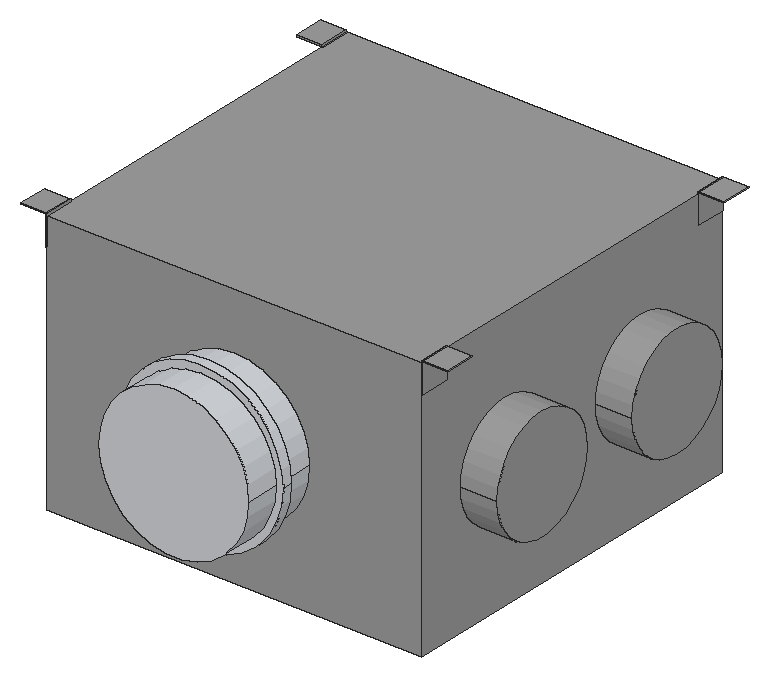
Revit family "FASU(F4-150 200Φ)", category ダクト付属品, Revit 2021
Family settings
  丸型コネクタ寸法 = 直径を使用
  パーツ タイプ = ダンパー
  OmniClass 番号 = 23.75.00.00
  OmniClass タイトル = Climate Control (HVAC)
  作業面ベース = いいえ
  常に垂直 = はい
  ロード時にボイドで切り取り = いいえ
  共有 = いいえ
Parameters
  高さ = 350 mm
  風量 = 0.0 L/s
  符号 = "FASU"
  形式 = "F4-150 200φ"
  幅 [instance] = 500 mm
  奥行き = 500 mm
  大きさ = 200 mm
  呼称 = "FASUチャンバー"
  付属品_下端レベル [instance] = 0 mm
  マテリアル [instance] = 既定値
  ダクト_イン = 200 mm
  ダクト_アウト = 150 mm
  既定の高さ = 0 mm
Reference planes
  plane 1 "中心(正面/背面)": y = 0
  plane 2: z = 0
  plane 3 "中心(左/右)": x = 0
  plane 4: x = -250
  plane 5: x = 250
  plane 6: y = -500
  plane 7: z = 350
  plane 8: z = 175
  plane 9: z = 266.963
  plane 10: z = 86.159
  plane 11: x = -251
  plane 12: z = 313.122
  plane 13: z = 352.122
  plane 14: y = -250
Forms (mm)
  Extrusion 1, solid, material "既定値" <- "マテリアル"
    sketch origin (0, 0, 0) x (1, 0, 0) y (0, 1, 0)
      loop
        line (-250, 0) -> (-250, -500) -> (250, -500) -> (250, 0) -> (-250, 0)
    from 0 to 350
  Extrusion 2, solid, material "既定値" <- "マテリアル"
    sketch origin (0, -30, 0) x (0, 1, 0) y (0, 0, 1)
      loop
        circle (-332.5, 175) r 74.985
    from -300 to -250
  Extrusion 3, solid, material "既定値" <- "マテリアル"
    sketch origin (550, -30, 0) x (0, 1, 0) y (0, 0, 1)
      loop
        circle (-332.5, 175) r 74.985
    from -300 to -250
  Extrusion 4, solid, material "既定値" <- "マテリアル"
    sketch origin (0, -30, 0) x (1, 0, 0) y (0, 1, 0)
      loop
        line (-250, 30) -> (-251, 30) -> (-251, -10) -> (-250, -10) -> (-250, 30)
    from 313.122 to 350
  Extrusion 5, solid, material "既定値" <- "マテリアル"
    sketch origin (0, -30, 0) x (1, 0, 0) y (0, 1, 0)
      loop
        line (-285, 30) -> (-285, -10) -> (-251, -10) -> (-251, 30) -> (-285, 30)
    from 352.122 to 350
  Extrusion 6, solid, material "既定値" <- "マテリアル"
    sketch origin (0, -30, 0) x (-1, 0, 0) y (0, -1, 0)
      loop
        line (-250, -30) -> (-250, 10) -> (-251, 10) -> (-251, -30) -> (-250, -30)
    from 313.122 to 353.122
  Extrusion 7, solid, material "既定値" <- "マテリアル"
    sketch origin (0, -30, 0) x (-1, 0, 0) y (0, -1, 0)
      loop
        line (-285, -30) -> (-251, -30) -> (-251, 10) -> (-285, 10) -> (-285, -30)
    from 352.122 to 353.122
  Extrusion 8, solid, material "既定値" <- "マテリアル"
    sketch origin (0, -490, 0) x (1, 0, 0) y (0, 1, 0)
      loop
        line (-285, 30) -> (-285, -10) -> (-251, -10) -> (-251, 30) -> (-285, 30)
    from 352.122 to 353.122
  Extrusion 9, solid, material "既定値" <- "マテリアル"
    sketch origin (0, -490, 0) x (1, 0, 0) y (0, 1, 0)
      loop
        line (-250, 30) -> (-251, 30) -> (-251, -10) -> (-250, -10) -> (-250, 30)
    from 313.122 to 353.122
  Extrusion 10, solid, material "既定値" <- "マテリアル"
    sketch origin (0, -490, 0) x (-1, 0, 0) y (0, -1, 0)
      loop
        line (-285, -30) -> (-251, -30) -> (-251, 10) -> (-285, 10) -> (-285, -30)
    from 352.122 to 353.122
  Extrusion 11, solid, material "既定値" <- "マテリアル"
    sketch origin (0, -490, 0) x (-1, 0, 0) y (0, -1, 0)
      loop
        line (-250, -30) -> (-250, 10) -> (-251, 10) -> (-251, -30) -> (-250, -30)
    from 313.122 to 353.122
  Extrusion 12, solid, material "既定値" <- "マテリアル"
    sketch origin (550, -470, 0) x (0, -1, 0) y (0, 0, -1)
      loop
        circle (-332.5, -175) r 74.985
    from -300 to -250
  Extrusion 13, solid, material "既定値" <- "マテリアル"
    sketch origin (-550, -470, 0) x (0, -1, 0) y (0, 0, 1)
      loop
        circle (-332.5, 175) r 74.985
    from -300 to -250
  Extrusion 14, solid
    sketch origin (945.05, 0, 42.896) x (1, 0, 0) y (0, 0, 1)
      loop
        circle (-945.05, 132.104) r 100
    from 500 to 542.5
  Extrusion 15, solid
    sketch origin (945.05, -57.5, 42.896) x (1, 0, 0) y (0, 0, 1)
      loop
        circle (-945.05, 132.104) r 100
    from 497.907 to 542.5
  Extrusion 16, solid
    sketch origin (0, 0, 0) x (1, 0, 0) y (0, 0, 1)
      loop
        circle (0, 175) r 110
    from 542.5 to 555.407
Lines and regions (mm)
  model lines
    curve 1: line (-250, -30, 0) -> (250, -30, 0)
    curve 2: line (-250, -470, 0) -> (250, -470, 0)
Text (mm)
  text "FASU(F4-150 200Φ)" at (120.822, -450.782, 0), in view "参照レベル"
Dimensions and locks
  equal spacing: plane 4, plane 3 "中心(左/右)", plane 5
  "幅": plane 4 to plane 5
  "奥行き": plane 6 to plane 1 "中心(正面/背面)"
  "高さ": plane 7 to level
  equal spacing: plane 7, plane 8, level
  equal spacing: plane 6, plane 14, plane 1 "中心(正面/背面)"
  aligned and locked: level to plane 2
  aligned and locked: Extrusion 1 sketch curve to plane 5
  aligned and locked: plane 7 to Extrusion 1
  aligned and locked: plane 4 to Extrusion 2
  aligned and locked: Extrusion 3 to plane 5
  aligned and locked: Extrusion 4 sketch curve to Extrusion 1
  aligned and locked: plane 7 to Extrusion 4
  aligned and locked: Extrusion 5 sketch curve to Extrusion 4
  aligned and locked: Extrusion 4 to Extrusion 5 sketch curve
  aligned and locked: plane 7 to Extrusion 5
  aligned and locked: Extrusion 5 to plane 13
  aligned and locked: Extrusion 6 to Extrusion 7 sketch curve
  aligned and locked: Extrusion 7 sketch curve to Extrusion 6
  aligned and locked: Extrusion 1 to Extrusion 10
  aligned and locked: Extrusion 8 to Extrusion 1
  aligned and locked: Extrusion 9 to Extrusion 1
  aligned and locked: Extrusion 1 to Extrusion 11
  aligned and locked: Extrusion 11 to Extrusion 10
  aligned and locked: Extrusion 9 to Extrusion 8
  aligned and locked: plane 4 to Extrusion 9
  aligned and locked: Extrusion 11 to plane 5
  aligned and locked: plane 4 to curve 1
  aligned and locked: plane 5 to curve 1
  aligned and locked: plane 5 to curve 2
  aligned and locked: plane 4 to curve 2
  aligned and locked: Extrusion 1 to Extrusion 5
  aligned and locked: Extrusion 7 to Extrusion 1
  aligned and locked: Extrusion 6 to plane 5
  aligned and locked: Extrusion 1 to plane 6
  aligned and locked: Extrusion 1 to plane 1 "中心(正面/背面)"
  aligned and locked: Extrusion 12 to plane 5
  aligned and locked: plane 4 to Extrusion 13
  aligned and locked: plane 6 to Extrusion 14
  aligned and locked: Extrusion 14 to Extrusion 16
  aligned and locked: Extrusion 16 to Extrusion 15
Automatic sketch dimensions
  plane 6 to curve 2 = 30 mm
  plane 1 "中心(正面/背面)" to curve 1 = 30 mm
  Extrusion 1 sketch curve to plane 4 = 0 mm
  Extrusion 1 sketch curve to plane 6 = 0 mm
  plane 1 "中心(正面/背面)" to Extrusion 1 sketch curve = 0 mm
  Extrusion 2 sketch curve to plane 8 = 0 mm
  Extrusion 2 sketch curve to plane 14 = 112.5 mm
  Extrusion 3 sketch curve to plane 8 = 0 mm
  Extrusion 3 sketch curve to plane 14 = 112.5 mm
  plane 1 "中心(正面/背面)" to Extrusion 4 sketch curve = 0 mm
  Extrusion 4 sketch curve to plane 11 = 0 mm
  Extrusion 4 sketch curve to Extrusion 4 sketch curve = 40 mm
  plane 1 "中心(正面/背面)" to Extrusion 5 sketch curve = 0 mm
  Extrusion 5 sketch curve to Extrusion 5 sketch curve = 34 mm
  plane 1 "中心(正面/背面)" to Extrusion 6 sketch curve = 0 mm
  Extrusion 6 sketch curve to plane 5 = 0 mm
  Extrusion 6 sketch curve to Extrusion 6 sketch curve = 1 mm
  Extrusion 6 sketch curve to Extrusion 6 sketch curve = 40 mm
  plane 1 "中心(正面/背面)" to Extrusion 7 sketch curve = 0 mm
  Extrusion 7 sketch curve to Extrusion 7 sketch curve = 34 mm
  Extrusion 8 sketch curve to plane 6 = 0 mm
  Extrusion 8 sketch curve to plane 11 = 0 mm
  Extrusion 8 sketch curve to Extrusion 8 sketch curve = 34 mm
  plane 6 to Extrusion 8 sketch curve = 40 mm
  Extrusion 9 sketch curve to plane 11 = 0 mm
  Extrusion 9 sketch curve to plane 4 = 0 mm
  Extrusion 9 sketch curve to plane 6 = 0 mm
  plane 6 to Extrusion 9 sketch curve = 40 mm
  Extrusion 10 sketch curve to plane 6 = 0 mm
  Extrusion 10 sketch curve to plane 5 = 35 mm
  Extrusion 10 sketch curve to plane 5 = 1 mm
  Extrusion 10 sketch curve to plane 6 = 40 mm
  Extrusion 11 sketch curve to plane 6 = 0 mm
  Extrusion 11 sketch curve to plane 5 = 0 mm
  Extrusion 11 sketch curve to Extrusion 11 sketch curve = 1 mm
  Extrusion 11 sketch curve to plane 6 = 40 mm
  Extrusion 12 sketch curve to plane 8 = 0 mm
  plane 14 to Extrusion 12 sketch curve = 112.5 mm
  Extrusion 13 sketch curve to plane 8 = 0 mm
  plane 14 to Extrusion 13 sketch curve = 112.5 mm
  Extrusion 14 sketch curve to plane 3 "中心(左/右)" = 0 mm
  Extrusion 14 sketch curve to plane 8 = 0 mm
  Extrusion 15 sketch curve to plane 3 "中心(左/右)" = 0 mm
  plane 8 to Extrusion 15 sketch curve = 0 mm
  Extrusion 16 sketch curve to plane 3 "中心(左/右)" = 0 mm
  Extrusion 16 sketch curve to plane 8 = 0 mm
  radius of Extrusion 2 sketch curve = 74.985 mm
  radius of Extrusion 3 sketch curve = 74.985 mm
  radius of Extrusion 12 sketch curve = 74.985 mm
  radius of Extrusion 13 sketch curve = 74.985 mm
  radius of Extrusion 14 sketch curve = 100 mm
  radius of Extrusion 15 sketch curve = 100 mm
  radius of Extrusion 16 sketch curve = 110 mm
Connectors
  hvac at (-300, -362.5, 175), driven by "ダクト_アウト"
    settings: on Extrusion 2, index 1, duct flow 0.0 L/s, flow factor 0, pres drop 0.0 Pa, loss coef 0, conn angle 0.00°, conn width 304.8 mm, conn height 304.8 mm, conn diameter 150 mm, duct sys type 29, conn prof type 0, flow config 0, flow direction 2, loss method 0, conn ref index -1, conn util no, is conn primary yes, conn desc ""
  hvac at (-300, -137.5, 175), driven by "ダクト_アウト"
    settings: on Extrusion 13, index 2, duct flow 0.0 L/s, flow factor 0, pres drop 0.0 Pa, loss coef 0, conn angle 0.00°, conn width 304.8 mm, conn height 304.8 mm, conn diameter 150 mm, duct sys type 29, conn prof type 0, flow config 0, flow direction 2, loss method 0, conn ref index -1, conn util no, is conn primary no, conn desc ""
  hvac at (300, -362.5, 175), driven by "ダクト_アウト"
    settings: on Extrusion 3, index 3, duct flow 0.0 L/s, flow factor 0, pres drop 0.0 Pa, loss coef 0, conn angle 0.00°, conn width 304.8 mm, conn height 304.8 mm, conn diameter 150 mm, duct sys type 29, conn prof type 0, flow config 0, flow direction 2, loss method 0, conn ref index -1, conn util no, is conn primary no, conn desc ""
  hvac at (300, -137.5, 175), driven by "ダクト_アウト"
    settings: on Extrusion 12, index 4, duct flow 0.0 L/s, flow factor 0, pres drop 0.0 Pa, loss coef 0, conn angle 0.00°, conn width 304.8 mm, conn height 304.8 mm, conn diameter 150 mm, duct sys type 29, conn prof type 0, flow config 0, flow direction 2, loss method 0, conn ref index -1, conn util no, is conn primary no, conn desc ""
  hvac at (0, -600, 175)
    settings: on Extrusion 15, index 5, duct flow 0.0 L/s, flow factor 0, pres drop 0.0 Pa, loss coef 0, conn angle 0.00°, conn width 304.8 mm, conn height 304.8 mm, conn diameter 200 mm, duct sys type 1, conn prof type 0, flow config 0, flow direction 1, loss method 0, conn ref index -1, conn util no, is conn primary no, conn desc ""
